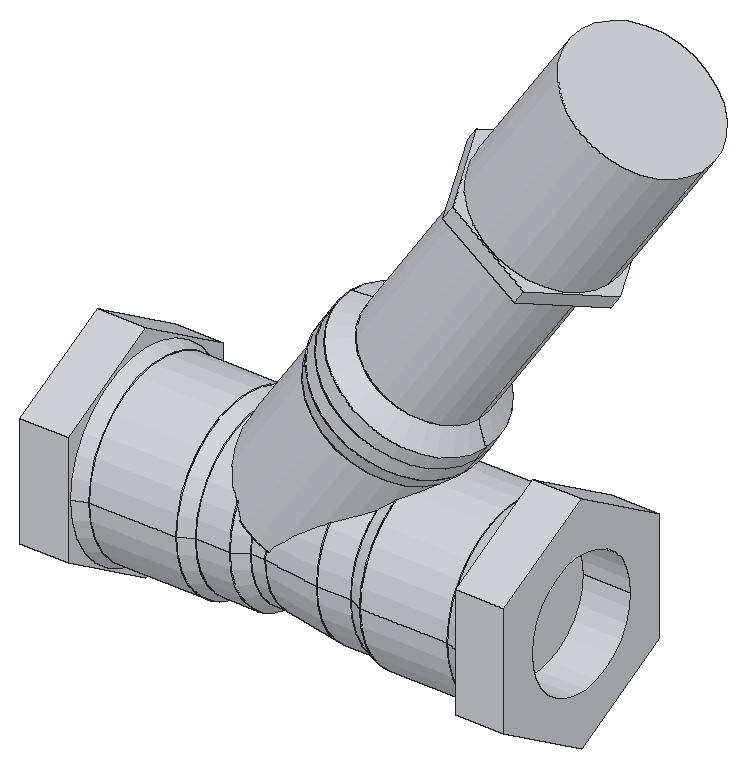
Revit family "DPRV_DN020_RFA_2018", category Pipe Accessories, Revit 2018
Family settings
  Round Connector Dimension = Use Diameter
  Part Type = Valve - Breaks Into
  Work Plane-Based = No
  Always vertical = Yes
  Cut with Voids When Loaded = No
  Shared = No
Parameters (values of type "DPRV-DN20")
  magiProductId = "7bf90d6895024d90850a4e7c13d0c4"
  magiProductFamilyId = "2368235d042246b783f613dde97580"
  magiPartTypeId = 304
  isMeasuringValve [instance] = no
  ang2D [instance] = 0.00°
  Z1 = 26.304 mm
  Y6 = 15.3 mm
  Y5 = 13.4 mm
  Y3 = 14.4 mm
  Y15 = 11.934 mm
  Y14 = 14.04 mm
  Y12 = 10.14 mm
  Y11 = 13.26 mm
  Y10 = 12.48 mm
  Y0 = 12.06 mm
  XT0 = 8 mm
  X7 = 5.46 mm
  X6__ve = -X6  # -14.04 mm
  X6 = 14.04 mm
  X3 = 2.34 mm
  X1__ve = -X1  # -7.8 mm
  X1 = 7.8 mm
  X0 = 39 mm
  W2D = 15 mm
  VersionID = "2.0/2018.12.13.2/FRESE_DPRV_001"
  Use Minimum Symbol Size [instance] = no
  URL = "www.hydronix.cz"
  Type Comments = "závitový s vnitřním závitem; PN25; dpmax=600kPa; -20~+120°C"
  QmdConnectorList = "301;D;302;D"
  Productdata [instance] = ""
  Manufacturer = "Hydronix"
  MC Use Limits From Balancing Method = no
  MC Throttling Minimum Value = 0
  MC Throttling Maximum Value = 0
  MC Product Code = "48-0076; DN20 FF; nastavitelný rozsah 10-60kPa; kvs=3,7"
  MC Pressure Drop Minimum Value = 0.0 Pa
  MC Pressure Drop Maximum Value = 0.0 Pa
  MC Piping Given Pressure Drop [instance] = 0.0 Pa
  L3 = 18 mm
  L2D_Min = 30.48 mm
  L2D = 70 mm
  H6 = 31.304 mm
  H5 = 2.63 mm
  H2 = 21.92 mm
  Description = "Nastavitelný přepouštěcí ventil"
  DT2 = 10 mm
  D = 20 mm
  CenSd_Y14_6 = Y14 * cos(30.00°)  # 12.159 mm
  CenSd_L3_6 = L3 * cos(30.00°)  # 15.588 mm
  AA3 = 3.081 mm
  AA2 = 5.371 mm
Types (4, lengths in mm): name | magiProductId | Z1 | Y6 | Y5 | Y3 | Y15 | Y14 | Y12 | Y11 | Y10 | Y0 | X7 | X6__ve | X6 | X3 | X1__ve | X1 | X0 | MC Product Code | L3 | H6 | H5 | H2 | DT2 | D | CenSd_Y14_6 | CenSd_L3_6 | AA3 | AA2
  DPRV-DN15 | "0a1695ce379549c5bda4e9817c8a32" | 26.012 | 12.75 | 11 | 12 | 10.71 | 12.6 | 9.1 | 11.9 | 11.2 | 9.9 | 4.9 | -12.6 | 12.6 | 2.1 | -7 | 7 | 35 | "48-0075; DN15 FF; nastavitelný rozsah 10-60kPa; kvs=3,5" | 15 | 31.012 | 2.601 | 21.677 | 7.5 | 15 | 10.912 | 12.99 | 2.941 | 5.127
  DPRV-DN20 | "7bf90d6895024d90850a4e7c13d0c4" | 26.304 | 15.3 | 13.4 | 14.4 | 11.934 | 14.04 | 10.14 | 13.26 | 12.48 | 12.06 | 5.46 | -14.04 | 14.04 | 2.34 | -7.8 | 7.8 | 39 | "48-0076; DN20 FF; nastavitelný rozsah 10-60kPa; kvs=3,7" | 18 | 31.304 | 2.63 | 21.92 | 10 | 20 | 12.159 | 15.588 | 3.081 | 5.371
  DPRV-DN25 | "8f5d2c47d0804d84a9ee1a0f7163ce" | 28.345 | 19.55 | 17.4 | 18.4 | 13.311 | 15.66 | 11.31 | 14.79 | 13.92 | 15.66 | 6.09 | -15.66 | 15.66 | 2.61 | -8.7 | 8.7 | 43.5 | "48-0077; DN25 FF; nastavitelný rozsah 10-60kPa; kvs=8,3" | 23 | 33.345 | 2.835 | 23.621 | 12.5 | 25 | 13.562 | 19.919 | 3.991 | 6.958
  DPRV-DN32 | "4b273c145a0a4466be66f0b82dd13f" | 28.27 | 23.8 | 21.4 | 22.4 | 15.759 | 18.54 | 13.39 | 17.51 | 16.48 | 19.26 | 7.21 | -18.54 | 18.54 | 3.09 | -10.3 | 10.3 | 51.5 | "48-0078; DN32 FF; nastavitelný rozsah 10-60kPa; kvs=10,5" | 28 | 33.27 | 2.827 | 23.558 | 16 | 32 | 16.056 | 24.249 | 4.131 | 7.203
Reference planes
  plane 1 "Center (Front/Back)": y = 0
  plane 2 "XYPLANE": z = 0
  plane 3 "Center (Left/Right)": x = 0
  plane 4 "733": through (-616.131, 0, 427.659) normal (0.5736, 0, 0.8192)
  plane 5 "722": through (-614.364, 0, 430.182) normal (0.5736, 0, 0.8192)
  plane 6 "680": through (-595.756, 0, 456.757) normal (0.5736, 0, 0.8192)
  plane 7 "673": through (-576.292, 0, 484.555) normal (0.5736, 0, 0.8192)
  plane 8 "667": x = 7.02
  plane 9 "666": x = -2.34
  plane 10 "664": x = -4.68
  plane 11 "662": x = -7.02
  plane 12 "540": through (-598.774, 0, 452.448) normal (0.5736, 0, 0.8192)
  plane 13 "539": through (-577.801, 0, 482.4) normal (0.5736, 0, 0.8192)
  plane 14 "535": through (-597.265, 0, 454.603) normal (0.5736, 0, 0.8192)
  plane 15 "531": through (-600.282, 0, 450.293) normal (0.5736, 0, 0.8192)
  plane 16 "528": through (-601.791, 0, 448.138) normal (0.5736, 0, 0.8192)
  plane 17 "512": y = 0
  plane 18 "510": through (425.782, 0, 617.445) normal (0.8192, 0, -0.5736)
  plane 19 "369": x = 12.48
  plane 20 "367": x = 14.82
  plane 21 "366": x = 31.2
  plane 22 "365": x = 28.86
  plane 23 "354": x = -12.48
  plane 24 "54": x = -14.82
  plane 25 "49": x = -28.86
  plane 26 "18": x = -31.2
  plane 27 "8": x = 39
  plane 28 "7": x = -39
  plane 29 "3": z = 0
  plane 30 "2": y = 0
  plane 31 "507XY": through (-614.364, 0, 430.182) normal (0.5736, 0, 0.8192)
  plane 32 "507XZ": y = 0
  plane 33 "507YZ": through (430.182, 0, 614.364) normal (0.8192, 0, -0.5736)
Forms (mm)
  Extrusion 1, solid
    sketch origin (-576.292, 0, 484.555) x (0.819152, 0, -0.573576) y (0, 1, 0)
      loop
        circle (744.629, 0) r 11.934
    from 0 to 26.304 <- "Z1"
  Extrusion 2, solid
    sketch origin (-577.801, 0, 482.4) x (0.819152, 0, -0.573576) y (0, 1, 0)
      loop
        line (758.669, 0) -> (751.649, 12.159) -> (737.609, 12.159) -> (730.589, 0) -> (737.609, -12.159) -> (751.649, -12.159) -> (758.669, 0)
    from 0 to 2.63 <- "H5"
  Blend 3, solid
    base sketch origin (-597.265, 0, 454.603) x (0.819152, 0, -0.573576) y (0, 1, 0)
      loop
        circle (744.629, 0) r 13.26
    top sketch origin (-597.265, 0, 454.603) x (0.819152, 0, -0.573576) y (0, 1, 0)
      loop
        circle (744.629, 0) r 10.14
    from 0 to 2.63
  Blend 4, solid
    base sketch origin (-601.791, 0, 448.138) x (0.819152, 0, -0.573576) y (0, 1, 0)
      loop
        circle (744.629, 0) r 12.48
    top sketch origin (-601.791, 0, 448.138) x (0.819152, 0, -0.573576) y (0, 1, 0)
      loop
        circle (744.629, 0) r 13.26
    from 0 to 2.63
  Blend 5, solid
    base sketch origin (-2.34, -750, 0) x (0, 1, 0) y (0, 0, 1)
      loop
        circle (750, 0) r 12.06
    top sketch origin (-2.34, -750, 0) x (0, 1, 0) y (0, 0, 1)
      loop
        circle (750, 0) r 13.4
    from 0 to 9.36
  Extrusion 6, solid
    sketch origin (-4.68, -750, 0) x (0, 1, 0) y (0, 0, 1)
      loop
        circle (750, 0) r 12.06
    from 0 to 2.34 <- "X3"
  Blend 7, solid
    base sketch origin (-7.02, -750, 0) x (0, 1, 0) y (0, 0, 1)
      loop
        circle (750, 0) r 13.4
    top sketch origin (-7.02, -750, 0) x (0, 1, 0) y (0, 0, 1)
      loop
        circle (750, 0) r 12.06
    from 0 to 2.34
  Extrusion 8, solid
    sketch origin (7.02, -750, 0) x (0, 1, 0) y (0, 0, 1)
      loop
        circle (750, 0) r 13.4
    from 0 to 5.46 <- "X7"
  Blend 9, solid
    base sketch origin (-614.364, 0, 430.182) x (0.819152, 0, -0.573576) y (0, 1, 0)
      loop
        circle (744.629, 0) r 12.48
    top sketch origin (-614.364, 0, 430.182) x (0.819152, 0, -0.573576) y (0, 1, 0)
      loop
        circle (744.629, 0) r 8
    from 0 to -3.081
  Extrusion 10, solid
    sketch origin (-595.756, 0, 456.757) x (0.819152, 0, -0.573576) y (0, 1, 0)
      loop
        circle (744.629, 0) r 10.14
    from 0 to 31.304 <- "H6"
  Extrusion 11, solid
    sketch origin (-598.774, 0, 452.448) x (0.819152, 0, -0.573576) y (0, 1, 0)
      loop
        circle (744.629, 0) r 13.26
    from 0 to 2.63 <- "H5"
  Extrusion 12, solid
    sketch origin (-600.282, 0, 450.293) x (0.819152, 0, -0.573576) y (0, 1, 0)
      loop
        circle (744.629, 0) r 13.26
    from 0 to 2.63 <- "H5"
  Extrusion 13, solid
    sketch origin (-614.364, 0, 430.182) x (0.819152, 0, -0.573576) y (0, 1, 0)
      loop
        circle (744.629, 0) r 12.48
    from 0 to 21.92 <- "H2"
  Blend 14, solid
    base sketch origin (14.82, -750, 0) x (0, 1, 0) y (0, 0, 1)
      loop
        circle (750, 0) r 14.4
    top sketch origin (14.82, -750, 0) x (0, 1, 0) y (0, 0, 1)
      loop
        circle (750, 0) r 13.4
    from 0 to -2.34
  Extrusion 15, solid
    sketch origin (28.86, -750, 0) x (0, 1, 0) y (0, 0, 1)
      loop
        circle (750, 0) r 14.4
    from 0 to -14.04 <- "X6__ve"
  Extrusion 16, solid
    sketch origin (-12.48, -750, 0) x (0, 1, 0) y (0, 0, 1)
      loop
        circle (750, 0) r 13.4
    from 0 to 5.46 <- "X7"
  Extrusion 17, solid
    sketch origin (-28.86, -750, 0) x (0, 1, 0) y (0, 0, 1)
      loop
        circle (750, 0) r 14.4
    from 0 to 14.04 <- "X6"
  Blend 18, solid
    base sketch origin (-14.82, -750, 0) x (0, 1, 0) y (0, 0, 1)
      loop
        circle (750, 0) r 14.4
    top sketch origin (-14.82, -750, 0) x (0, 1, 0) y (0, 0, 1)
      loop
        circle (750, 0) r 13.4
    from 0 to 2.34
  Extrusion 19, solid
    sketch origin (-39, -750, 0) x (0, 1, 0) y (0, 0, 1)
      loop
        line (750, 18) -> (734.412, 9) -> (734.412, -9) -> (750, -18) -> (765.588, -9) -> (765.588, 9) -> (750, 18)
      loop
        circle (750, 0) r 10
    from 0 to 7.8 <- "X1"
  Blend 20, solid
    base sketch origin (31.2, -750, 0) x (0, 1, 0) y (0, 0, 1)
      loop
        circle (750, 0) r 15.3
    top sketch origin (31.2, -750, 0) x (0, 1, 0) y (0, 0, 1)
      loop
        circle (750, 0) r 14.4
    from 0 to -2.34
  Extrusion 21, solid
    sketch origin (39, -750, 0) x (0, 1, 0) y (0, 0, 1)
      loop
        line (750, 18) -> (734.412, 9) -> (734.412, -9) -> (750, -18) -> (765.588, -9) -> (765.588, 9) -> (750, 18)
      loop
        circle (750, 0) r 10
    from 0 to -7.8 <- "X1__ve"
  Blend 22, solid
    base sketch origin (-31.2, -750, 0) x (0, 1, 0) y (0, 0, 1)
      loop
        circle (750, 0) r 15.3
    top sketch origin (-31.2, -750, 0) x (0, 1, 0) y (0, 0, 1)
      loop
        circle (750, 0) r 14.4
    from 0 to 2.34
  Extrusion 23, solid, not visible
    sketch origin (39, -750, 0) x (0, 1, 0) y (0, 0, 1)
      loop
        circle (750, 0) r 10
    from 0 to -10
  Extrusion 24, solid, not visible
    sketch origin (-39, -750, 0) x (0, 1, 0) y (0, 0, 1)
      loop
        circle (750, 0) r 10
    from 0 to 10
Lines and regions (mm)
  reference lines, not visible
    curve 1: circle (2, 2, 0) r 1 normal (0, 0, 1)
  reference lines
    curve 2: line (32.163, 0, 55.299) -> (29.583, 5.456, 57.106)
    curve 3: line (32.163, 0, 55.299) -> (27.003, 0, 58.912)
    curve 4: line (32.163, 0, 55.299) -> (29.583, -5.456, 57.106)
    curve 5: line (-39, 0, 0) -> (-39, -6.495, -3.75)
    curve 6: line (-39, 0, 0) -> (-39, 0, -7.5)
    curve 7: line (-39, 0, 0) -> (-39, 6.495, -3.75)
    curve 8: line (39, 0, 0) -> (39, -6.495, -3.75)
    curve 9: line (39, 0, 0) -> (39, 0, -7.5)
    curve 10: line (39, 0, 0) -> (39, 6.495, -3.75)
Dimensions and locks
  plane 1 "Center (Front/Back)" to curve 1 = 2 mm
  "AA3": plane 31 "507XY" to plane 4 "733"
  locked: plane 31 "507XY" to plane 5 "722"
  "H5": plane 14 "535" to plane 6 "680"
  "H5": plane 13 "539" to plane 7 "673"
  "X7": plane 19 "369" to plane 8 "667"
  "X3": plane 10 "664" to plane 9 "666"
  "X3": plane 11 "662" to plane 10 "664"
  "X7": plane 23 "354" to plane 11 "662"
  "H5": plane 15 "531" to plane 12 "540"
  "H6": plane 6 "680" to plane 13 "539"
  "H5": plane 12 "540" to plane 14 "535"
  "H5": plane 16 "528" to plane 15 "531"
  "H2": plane 31 "507XY" to plane 16 "528"
  locked: plane 32 "507XZ" to plane 17 "512"
  "AA2": plane 33 "507YZ" to plane 18 "510"
  "X3": plane 20 "367" to plane 19 "369"
  "X6": plane 22 "365" to plane 20 "367"
  "X1": plane 27 "8" to plane 21 "366"
  "X3": plane 21 "366" to plane 22 "365"
  "X3": plane 24 "54" to plane 23 "354"
  "X6": plane 25 "49" to plane 24 "54"
  "X3": plane 26 "18" to plane 25 "49"
  "X1": plane 28 "7" to plane 26 "18"
  "X0": plane 3 "Center (Left/Right)" to plane 27 "8"
  "X0": plane 3 "Center (Left/Right)" to plane 28 "7"
  locked: plane 2 "XYPLANE" to plane 29 "3"
  locked: plane 1 "Center (Front/Back)" to plane 30 "2"
  "CenSd_Y14_6": curve 2 to Extrusion 2 sketch curve  (x2)
  "CenSd_Y14_6": curve 3 to Extrusion 2 sketch curve  (x2)
  "CenSd_Y14_6": curve 4 to Extrusion 2 sketch curve  (x2)
  Extrusion 2 sketch curve to Extrusion 2 sketch curve = 0 mm  (x12)
  "CenSd_L3_6": curve 5 to Extrusion 19 sketch curve  (x2)
  "CenSd_L3_6": curve 6 to Extrusion 19 sketch curve  (x2)
  "CenSd_L3_6": curve 7 to Extrusion 19 sketch curve  (x2)
  Extrusion 19 sketch curve to Extrusion 19 sketch curve = 0 mm  (x12)
  "CenSd_L3_6": curve 8 to Extrusion 21 sketch curve  (x2)
  "CenSd_L3_6": curve 9 to Extrusion 21 sketch curve  (x2)
  "CenSd_L3_6": curve 10 to Extrusion 21 sketch curve  (x2)
  Extrusion 21 sketch curve to Extrusion 21 sketch curve = 0 mm  (x12)
  "Y15": radius of Extrusion 1 sketch curve
  "Y12": radius of Blend 3 sketch curve
  "Y11": radius of Blend 3 sketch curve
  "Y11": radius of Blend 4 sketch curve
  "Y10": radius of Blend 4 sketch curve
  "Y5": radius of Blend 5 sketch curve
  "Y0": radius of Blend 5 sketch curve
  "Y0": radius of Extrusion 6 sketch curve
  "Y0": radius of Blend 7 sketch curve
  "Y5": radius of Blend 7 sketch curve
  "Y5": radius of Extrusion 8 sketch curve
  "XT0": radius of Blend 9 sketch curve
  "Y10": radius of Blend 9 sketch curve
  "Y12": radius of Extrusion 10 sketch curve
  "Y11": radius of Extrusion 11 sketch curve
  "Y11": radius of Extrusion 12 sketch curve
  "Y10": radius of Extrusion 13 sketch curve
  "Y5": radius of Blend 14 sketch curve
  "Y3": radius of Blend 14 sketch curve
  "Y3": radius of Extrusion 15 sketch curve
  "Y5": radius of Extrusion 16 sketch curve
  "Y3": radius of Extrusion 17 sketch curve
  "Y5": radius of Blend 18 sketch curve
  "Y3": radius of Blend 18 sketch curve
  "DT2": radius of Extrusion 19 sketch curve
  "Y3": radius of Blend 20 sketch curve
  "Y6": radius of Blend 20 sketch curve
  "DT2": radius of Extrusion 21 sketch curve
  "Y3": radius of Blend 22 sketch curve
  "Y6": radius of Blend 22 sketch curve
  locked: curve 3 to curve 2 (angle 60.00°)
  locked: curve 4 to curve 3 (angle 60.00°)
  locked: curve 4 to curve 2 (angle 120.00°)
  locked: curve 6 to curve 5 (angle 60.00°)
  locked: curve 7 to curve 6 (angle 60.00°)
  locked: curve 7 to curve 5 (angle 120.00°)
  locked: curve 9 to curve 8 (angle 60.00°)
  locked: curve 10 to curve 9 (angle 60.00°)
  locked: curve 10 to curve 8 (angle 120.00°)
  aligned and locked: level to plane 2 "XYPLANE"
  aligned and locked: plane 17 "512" to Extrusion 1 sketch curve
  aligned and locked: Extrusion 1 sketch curve to plane 18 "510"
  aligned and locked: curve 2 to plane 18 "510"
  aligned and locked: plane 17 "512" to curve 3
  aligned and locked: plane 17 "512" to Blend 3 sketch curve  (x2)
  aligned and locked: Blend 3 sketch curve to plane 18 "510"  (x2)
  aligned and locked: plane 6 "680" to Blend 3
  aligned and locked: plane 17 "512" to Blend 4 sketch curve  (x2)
  aligned and locked: Blend 4 sketch curve to plane 18 "510"  (x2)
  aligned and locked: plane 15 "531" to Blend 4
  aligned and locked: plane 29 "3" to Blend 5 sketch curve  (x2)
  aligned and locked: Blend 5 sketch curve to plane 30 "2"  (x2)
  aligned and locked: plane 8 "667" to Blend 5
  aligned and locked: plane 29 "3" to Extrusion 6 sketch curve
  aligned and locked: Extrusion 6 sketch curve to plane 30 "2"
  aligned and locked: plane 29 "3" to Blend 7 sketch curve  (x2)
  aligned and locked: Blend 7 sketch curve to plane 30 "2"  (x2)
  aligned and locked: plane 10 "664" to Blend 7
  aligned and locked: plane 29 "3" to Extrusion 8 sketch curve
  aligned and locked: Extrusion 8 sketch curve to plane 30 "2"
  aligned and locked: plane 17 "512" to Blend 9 sketch curve  (x2)
  aligned and locked: Blend 9 sketch curve to plane 18 "510"  (x2)
  aligned and locked: Blend 9 to plane 4 "733"
  aligned and locked: plane 17 "512" to Extrusion 10 sketch curve
  aligned and locked: Extrusion 10 sketch curve to plane 18 "510"
  aligned and locked: plane 17 "512" to Extrusion 11 sketch curve
  aligned and locked: Extrusion 11 sketch curve to plane 18 "510"
  aligned and locked: plane 17 "512" to Extrusion 12 sketch curve
  aligned and locked: Extrusion 12 sketch curve to plane 18 "510"
  aligned and locked: plane 17 "512" to Extrusion 13 sketch curve
  aligned and locked: Extrusion 13 sketch curve to plane 18 "510"
  aligned and locked: plane 29 "3" to Blend 14 sketch curve  (x2)
  aligned and locked: Blend 14 sketch curve to plane 30 "2"  (x2)
  aligned and locked: Blend 14 to plane 19 "369"
  aligned and locked: plane 29 "3" to Extrusion 15 sketch curve
  aligned and locked: Extrusion 15 sketch curve to plane 30 "2"
  aligned and locked: plane 29 "3" to Extrusion 16 sketch curve
  aligned and locked: Extrusion 16 sketch curve to plane 30 "2"
  aligned and locked: plane 29 "3" to Extrusion 17 sketch curve
  aligned and locked: Extrusion 17 sketch curve to plane 30 "2"
  aligned and locked: plane 29 "3" to Blend 18 sketch curve  (x2)
  aligned and locked: Blend 18 sketch curve to plane 30 "2"  (x2)
  aligned and locked: plane 23 "354" to Blend 18
  aligned and locked: plane 29 "3" to curve 7
  aligned and locked: curve 7 to plane 30 "2"
  aligned and locked: plane 29 "3" to Extrusion 19 sketch curve
  aligned and locked: Extrusion 19 sketch curve to plane 30 "2"
  aligned and locked: plane 29 "3" to Blend 20 sketch curve  (x2)
  aligned and locked: Blend 20 sketch curve to plane 30 "2"  (x2)
  aligned and locked: Blend 20 to plane 22 "365"
  aligned and locked: plane 29 "3" to curve 10
  aligned and locked: curve 10 to plane 30 "2"
  aligned and locked: plane 29 "3" to Extrusion 21 sketch curve
  aligned and locked: Extrusion 21 sketch curve to plane 30 "2"
  aligned and locked: plane 29 "3" to Blend 22 sketch curve  (x2)
  aligned and locked: Blend 22 sketch curve to plane 30 "2"  (x2)
  aligned and locked: plane 25 "49" to Blend 22
  aligned and locked: plane 29 "3" to Extrusion 23 sketch curve
  aligned and locked: Extrusion 23 sketch curve to plane 30 "2"
  aligned and locked: plane 29 "3" to Extrusion 24 sketch curve
  aligned and locked: Extrusion 24 sketch curve to plane 30 "2"
Automatic sketch dimensions
  plane 1 "Center (Front/Back)" to Extrusion 23 sketch curve = 10 mm
  plane 1 "Center (Front/Back)" to Extrusion 24 sketch curve = 10 mm
  plane 3 "Center (Left/Right)" to curve 1 = 2 mm
  radius of curve 1 = 1 mm
Connectors
  piping at (-39, 0, 0), diameter 20, driven by "D"
    settings: on Extrusion 24, index 1, connector inside diameter 609.6 mm, connector length 0 mm, flow factor 0, pipe flow 0.0 L/s, pressure drop 0.0 Pa, fitting loss kfactor 0, connector angle 0.00°, fixture units 0, engagement length 0 mm, angle of deflection 0.00°, flow configuration 0, flow direction 0, fitting loss method 0, system type 29, joint type 0, gender type 0, connector reference index 2, connector utility 0, adjustable connector no, is connector primary yes, connector description ""
  piping at (39, 0, 0), diameter 20, driven by "D"
    settings: on Extrusion 23, index 2, connector inside diameter 609.6 mm, connector length 0 mm, flow factor 0, pipe flow 0.0 L/s, pressure drop 0.0 Pa, fitting loss kfactor 0, connector angle 0.00°, fixture units 0, engagement length 0 mm, angle of deflection 0.00°, flow configuration 0, flow direction 0, fitting loss method 0, system type 29, joint type 0, gender type 0, connector reference index 1, connector utility 0, adjustable connector no, is connector primary no, connector description ""
